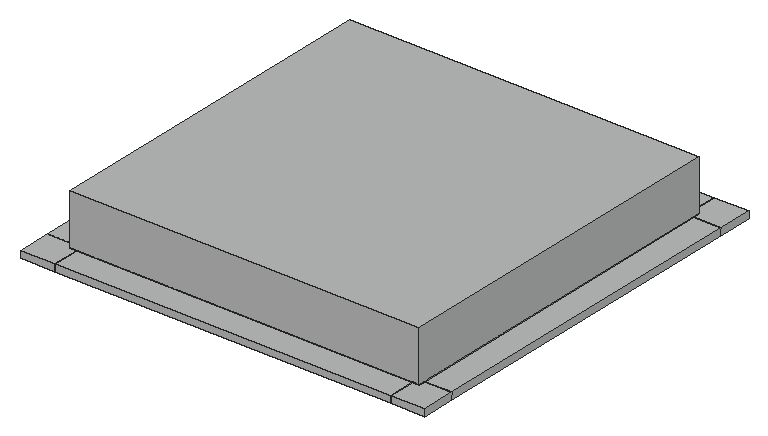
Revit family "ALUMOGIPS", category Осветительные приборы, Revit 2019 (continued)
Types (72, lengths in mm): name | Файл фотометрической сетки | built-in parameter 1150105 | Lumens | built-in parameter 1150106 | built-in parameter 1150142 | Wattage | Emit from Rectangle Width | Emit from Rectangle Length | Длина | Материал светильника | Ширина | ADSK_Ток | ADSK_Полная мощность | ADSK_Обозначение | ADSK_Номинальная мощность | ADSK_Наименование | ADSK_Масса | ADSK_Код изделия
  Alumogips-38/opal-sand 610х610 (IP40, 4000К, серый, грильято) c БАП на 1 час | "Светильник ALUMOGIPS-38 OPAL-SAND-(610x610).IES" | 302.39 (stored number, unit not read) | 3800 lm | 3.0239 (stored number, unit not read) | "IESNA:LM-63-95\r\n[TEST] Протокол № 50-12 \r\n[DATA] 20.06.2016\r\n[MORE] \r\n[MANUFAC] ЗАО \"Центрстройсвет\"\r\n[LUMCAT]  Светильник ALUMOGIPS-38/OPAL-SAND-(610x610)\r\n[LUMINAIRE]\r\n[LAMPCAT] Светодиоды\r\n[LAMP] Поток источника света (светодиодов) не известен\r\n[MORE] КСС приведена в абсолютных величинах кд\r\n[MORE] Вместо потока лампы, указан поток светильника.\r\nTILT=NONE\r\n1    3750 1.0 37 73 1 2 0.61 0.61 0.04\r\n1.0 1.0 38.7\r\n0.0 5.0 10.0 15.0 20.0 25.0 30.0 35.0 40.0 45.0 50.0 55.0 60.0 65.0 70.0 75.0 80.0 85.0 90.0 95.0 100.0 105.0 110.0 115.0 120.0 125.0 130.0 135.0 140.0 145.0 150.0 155.0 160.0 165.0 170.0 175.0 180.0\r\n0.0 5.0 10.0 15.0 20.0 25.0 30.0 35.0 40.0 45.0 50.0 55.0 60.0 65.0 70.0 75.0 80.0 85.0 90.0 95.0 100.0 105.0 110.0 115.0 120.0 125.0 130.0 135.0 140.0 145.0 150.0 155.0 160.0 165.0 170.0 175.0 180.0 185.0 190.0 195.0 200.0 205.0 210.0 215.0 220.0 225.0 230.0 235.0 240.0 245.0 250.0 255.0 260.0 265.0 270.0 275.0 280.0 285.0 290.0 295.0 300.0 305.0 310.0 315.0 320.0 325.0 330.0 335.0 340.0 345.0 350.0 355.0 360.0\r\n1391.4 1390.6 1365.7 1330.6 1277.5 1214.9 1147.5 1059.6 967.6 873.2 772.4 664.9 556.3 449.1 342.7 240.6 147.1 64.2 4.7 0.0 0.0 0.0 0.0 0.0 0.0 0.0 0.0 0.0 0.0 0.0 0.0 0.0 0.0 0.0 0.0 0.0 0.0\r\n1391.4 1390.5 1367.8 1332.7 1284.3 1221.3 1147.0 1062.1 969.2 872.4 773.2 666.3 557.1 450.1 343.8 241.9 146.9 64.7 5.2 0.0 0.0 0.0 0.0 0.0 0.0 0.0 0.0 0.0 0.0 0.0 0.0 0.0 0.0 0.0 0.0 0.0 0.0\r\n1391.4 1390.2 1372.0 1333.3 1277.3 1216.8 1144.5 1057.4 969.6 875.1 773.8 669.5 560.0 454.6 345.8 242.4 148.5 65.8 5.4 0.0 0.0 0.0 0.0 0.0 0.0 0.0 0.0 0.0 0.0 0.0 0.0 0.0 0.0 0.0 0.0 0.0 0.0\r\n1391.4 1389.8 1371.2 1330.7 1279.5 1220.5 1148.3 1059.9 967.7 873.2 767.5 666.8 561.4 453.0 347.1 243.7 149.9 65.6 5.8 0.0 0.0 0.0 0.0 0.0 0.0 0.0 0.0 0.0 0.0 0.0 0.0 0.0 0.0 0.0 0.0 0.0 0.0\r\n1391.4 1389.8 1368.3 1329.3 1285.0 1214.6 1141.1 1058.7 971.8 871.3 775.2 666.9 559.4 452.6 345.8 242.5 150.0 65.8 6.1 0.0 0.0 0.0 0.0 0.0 0.0 0.0 0.0 0.0 0.0 0.0 0.0 0.0 0.0 0.0 0.0 0.0 0.0\r\n1391.4 1390.5 1367.3 1332.3 1281.7 1219.0 1142.8 1064.6 970.5 874.4 772.1 667.5 560.2 453.0 346.2 241.8 149.4 65.7 5.6 0.0 0.0 0.0 0.0 0.0 0.0 0.0 0.0 0.0 0.0 0.0 0.0 0.0 0.0 0.0 0.0 0.0 0.0\r\n1391.4 1391.4 1368.1 1333.5 1277.3 1215.7 1139.0 1059.6 968.1 872.4 771.6 667.4 558.8 453.3 344.3 243.9 148.4 65.7 5.4 0.0 0.0 0.0 0.0 0.0 0.0 0.0 0.0 0.0 0.0 0.0 0.0 0.0 0.0 0.0 0.0 0.0 0.0\r\n1391.4 1391.7 1368.1 1330.4 1278.2 1213.9 1142.4 1061.6 967.4 875.1 772.0 669.3 561.1 452.5 345.2 242.1 148.3 65.4 5.5 0.0 0.0 0.0 0.0 0.0 0.0 0.0 0.0 0.0 0.0 0.0 0.0 0.0 0.0 0.0 0.0 0.0 0.0\r\n1391.4 1391.5 1371.0 1328.4 1278.5 1216.7 1142.1 1061.2 971.8 874.7 772.1 668.9 560.8 452.9 345.4 243.3 147.7 66.0 5.4 0.0 0.0 0.0 0.0 0.0 0.0 0.0 0.0 0.0 0.0 0.0 0.0 0.0 0.0 0.0 0.0 0.0 0.0\r\n1391.4 1391.5 1373.2 1330.5 1277.3 1215.5 1143.2 1063.6 967.0 872.7 772.2 669.4 558.9 453.2 346.6 241.9 148.1 65.2 5.5 0.0 0.0 0.0 0.0 0.0 0.0 0.0 0.0 0.0 0.0 0.0 0.0 0.0 0.0 0.0 0.0 0.0 0.0\r\n1391.4 1391.4 1369.7 1328.3 1281.3 1216.0 1139.8 1057.9 968.7 875.3 773.9 667.6 561.8 454.0 344.0 243.1 147.2 65.6 5.5 0.0 0.0 0.0 0.0 0.0 0.0 0.0 0.0 0.0 0.0 0.0 0.0 0.0 0.0 0.0 0.0 0.0 0.0\r\n1391.4 1390.5 1367.9 1330.1 1278.1 1218.1 1138.9 1061.0 970.0 871.8 770.4 669.3 560.2 453.4 346.9 242.1 148.3 65.2 5.2 0.0 0.0 0.0 0.0 0.0 0.0 0.0 0.0 0.0 0.0 0.0 0.0 0.0 0.0 0.0 0.0 0.0 0.0\r\n1391.4 1389.3 1368.2 1329.1 1280.8 1214.4 1142.5 1059.2 967.2 874.3 772.4 668.0 563.1 452.3 345.7 242.8 146.8 64.9 5.1 0.0 0.0 0.0 0.0 0.0 0.0 0.0 0.0 0.0 0.0 0.0 0.0 0.0 0.0 0.0 0.0 0.0 0.0\r\n1391.4 1388.6 1367.4 1327.8 1278.0 1215.7 1141.0 1061.0 971.5 877.3 771.2 667.3 561.5 453.0 346.4 242.4 146.3 64.8 5.2 0.0 0.0 0.0 0.0 0.0 0.0 0.0 0.0 0.0 0.0 0.0 0.0 0.0 0.0 0.0 0.0 0.0 0.0\r\n1391.4 1388.0 1367.6 1326.7 1278.3 1218.0 1140.9 1061.5 968.4 873.4 770.1 666.6 562.1 454.6 344.8 241.8 146.4 64.0 5.5 0.0 0.0 0.0 0.0 0.0 0.0 0.0 0.0 0.0 0.0 0.0 0.0 0.0 0.0 0.0 0.0 0.0 0.0\r\n1391.4 1387.2 1366.1 1331.0 1281.4 1216.3 1142.7 1059.1 969.4 871.5 772.2 667.3 560.5 453.0 344.4 242.2 146.4 63.8 5.6 0.0 0.0 0.0 0.0 0.0 0.0 0.0 0.0 0.0 0.0 0.0 0.0 0.0 0.0 0.0 0.0 0.0 0.0\r\n1391.4 1387.1 1366.3 1328.7 1276.9 1214.5 1141.2 1059.3 968.4 874.3 775.5 668.3 562.5 454.9 346.4 241.3 146.2 63.5 5.7 0.0 0.0 0.0 0.0 0.0 0.0 0.0 0.0 0.0 0.0 0.0 0.0 0.0 0.0 0.0 0.0 0.0 0.0\r\n1391.4 1388.4 1366.0 1329.7 1279.2 1217.9 1140.0 1060.5 969.0 873.9 772.0 671.3 560.4 453.2 343.7 241.7 145.8 63.7 5.4 0.0 0.0 0.0 0.0 0.0 0.0 0.0 0.0 0.0 0.0 0.0 0.0 0.0 0.0 0.0 0.0 0.0 0.0\r\n1391.4 1389.6 1367.7 1329.3 1277.2 1211.1 1140.1 1061.0 971.0 871.2 769.2 669.1 561.5 453.1 343.3 241.9 145.8 63.4 5.2 0.0 0.0 0.0 0.0 0.0 0.0 0.0 0.0 0.0 0.0 0.0 0.0 0.0 0.0 0.0 0.0 0.0 0.0\r\n1391.4 1388.8 1366.9 1327.1 1279.4 1214.2 1142.5 1056.4 970.7 870.3 771.0 665.1 560.4 453.3 343.8 241.1 145.7 63.4 5.2 0.0 0.0 0.0 0.0 0.0 0.0 0.0 0.0 0.0 0.0 0.0 0.0 0.0 0.0 0.0 0.0 0.0 0.0\r\n1391.4 1387.2 1365.8 1328.9 1276.6 1210.2 1141.4 1059.3 966.6 871.4 770.5 667.4 559.2 451.4 344.2 241.0 145.6 63.2 5.1 0.0 0.0 0.0 0.0 0.0 0.0 0.0 0.0 0.0 0.0 0.0 0.0 0.0 0.0 0.0 0.0 0.0 0.0\r\n1391.4 1386.8 1364.4 1329.8 1279.4 1213.7 1144.0 1059.0 965.3 873.7 768.8 668.9 559.4 449.5 342.6 241.5 144.6 63.4 5.0 0.0 0.0 0.0 0.0 0.0 0.0 0.0 0.0 0.0 0.0 0.0 0.0 0.0 0.0 0.0 0.0 0.0 0.0\r\n1391.4 1388.1 1365.8 1328.1 1273.8 1213.4 1137.9 1059.2 967.3 869.2 769.3 667.7 558.4 451.4 344.0 240.6 145.7 63.4 4.9 0.0 0.0 0.0 0.0 0.0 0.0 0.0 0.0 0.0 0.0 0.0 0.0 0.0 0.0 0.0 0.0 0.0 0.0\r\n1391.4 1389.2 1364.4 1323.2 1276.3 1213.8 1137.6 1055.3 963.1 871.0 767.7 664.1 559.7 447.1 342.4 240.1 145.2 63.9 5.1 0.0 0.0 0.0 0.0 0.0 0.0 0.0 0.0 0.0 0.0 0.0 0.0 0.0 0.0 0.0 0.0 0.0 0.0\r\n1391.4 1388.4 1362.3 1326.8 1274.4 1212.2 1137.9 1054.7 966.7 867.9 768.7 663.4 557.3 449.2 343.3 240.0 145.7 63.6 5.0 0.0 0.0 0.0 0.0 0.0 0.0 0.0 0.0 0.0 0.0 0.0 0.0 0.0 0.0 0.0 0.0 0.0 0.0\r\n1391.4 1386.2 1361.8 1326.5 1273.3 1211.2 1134.5 1048.6 964.3 866.3 767.8 662.9 556.7 449.5 341.9 239.8 145.7 63.7 5.0 0.0 0.0 0.0 0.0 0.0 0.0 0.0 0.0 0.0 0.0 0.0 0.0 0.0 0.0 0.0 0.0 0.0 0.0\r\n1391.4 1384.4 1363.5 1324.4 1272.0 1209.5 1137.2 1053.0 960.2 867.5 767.9 662.7 556.7 449.2 342.5 239.1 146.2 63.8 4.8 0.0 0.0 0.0 0.0 0.0 0.0 0.0 0.0 0.0 0.0 0.0 0.0 0.0 0.0 0.0 0.0 0.0 0.0\r\n1391.4 1383.7 1362.4 1324.4 1274.0 1209.5 1134.4 1050.1 965.4 864.9 764.6 662.3 556.6 447.9 340.5 240.3 145.5 64.6 4.6 0.0 0.0 0.0 0.0 0.0 0.0 0.0 0.0 0.0 0.0 0.0 0.0 0.0 0.0 0.0 0.0 0.0 0.0\r\n1391.4 1384.4 1361.9 1326.9 1270.2 1207.3 1132.7 1050.1 959.7 867.7 763.1 662.2 555.0 447.3 343.0 238.3 145.8 63.9 4.7 0.0 0.0 0.0 0.0 0.0 0.0 0.0 0.0 0.0 0.0 0.0 0.0 0.0 0.0 0.0 0.0 0.0 0.0\r\n1391.4 1385.1 1363.0 1320.0 1270.4 1207.9 1134.4 1055.0 963.5 867.3 766.7 660.7 555.9 450.1 342.6 240.2 145.9 64.3 4.9 0.0 0.0 0.0 0.0 0.0 0.0 0.0 0.0 0.0 0.0 0.0 0.0 0.0 0.0 0.0 0.0 0.0 0.0\r\n1391.4 1384.9 1362.3 1321.4 1273.1 1208.0 1135.4 1052.3 961.9 865.0 764.0 660.8 553.5 447.6 341.2 240.3 146.1 63.8 4.8 0.0 0.0 0.0 0.0 0.0 0.0 0.0 0.0 0.0 0.0 0.0 0.0 0.0 0.0 0.0 0.0 0.0 0.0\r\n1391.4 1383.8 1361.2 1322.1 1265.1 1211.5 1132.8 1049.3 961.3 863.4 764.0 661.0 550.7 447.9 341.0 240.1 146.2 63.8 4.6 0.0 0.0 0.0 0.0 0.0 0.0 0.0 0.0 0.0 0.0 0.0 0.0 0.0 0.0 0.0 0.0 0.0 0.0\r\n1391.4 1382.8 1359.3 1321.5 1269.3 1206.8 1132.8 1051.1 958.3 863.2 763.1 662.7 553.4 448.0 340.4 240.0 145.8 63.8 4.0 0.0 0.0 0.0 0.0 0.0 0.0 0.0 0.0 0.0 0.0 0.0 0.0 0.0 0.0 0.0 0.0 0.0 0.0\r\n1391.4 1382.6 1359.0 1319.6 1268.1 1204.3 1129.8 1049.0 957.7 861.8 761.7 658.4 554.2 446.1 340.4 239.0 145.6 63.8 3.8 0.0 0.0 0.0 0.0 0.0 0.0 0.0 0.0 0.0 0.0 0.0 0.0 0.0 0.0 0.0 0.0 0.0 0.0\r\n1391.4 1382.8 1358.5 1315.8 1266.5 1202.1 1128.5 1049.2 957.6 860.0 762.1 658.2 549.9 443.8 339.6 238.4 145.7 63.6 3.7 0.0 0.0 0.0 0.0 0.0 0.0 0.0 0.0 0.0 0.0 0.0 0.0 0.0 0.0 0.0 0.0 0.0 0.0\r\n1391.4 1382.2 1360.5 1319.2 1265.9 1204.5 1129.9 1046.9 955.0 862.9 758.9 657.9 552.5 444.9 338.9 238.8 145.3 63.6 3.3 0.0 0.0 0.0 0.0 0.0 0.0 0.0 0.0 0.0 0.0 0.0 0.0 0.0 0.0 0.0 0.0 0.0 0.0\r\n1391.4 1381.1 1361.2 1321.0 1268.1 1203.8 1128.8 1047.4 955.6 863.7 761.1 656.4 551.5 445.2 339.2 238.5 144.7 62.5 3.5 0.0 0.0 0.0 0.0 0.0 0.0 0.0 0.0 0.0 0.0 0.0 0.0 0.0 0.0 0.0 0.0 0.0 0.0\r\n1391.4 1380.6 1359.0 1316.4 1268.5 1204.0 1126.1 1049.5 956.2 859.6 759.7 656.5 549.2 444.3 338.4 236.1 143.8 61.6 3.2 0.0 0.0 0.0 0.0 0.0 0.0 0.0 0.0 0.0 0.0 0.0 0.0 0.0 0.0 0.0 0.0 0.0 0.0\r\n1391.4 1380.7 1356.6 1316.0 1267.0 1205.6 1130.3 1044.8 956.9 856.7 759.3 653.5 548.1 441.9 335.3 235.4 141.4 60.3 2.9 0.0 0.0 0.0 0.0 0.0 0.0 0.0 0.0 0.0 0.0 0.0 0.0 0.0 0.0 0.0 0.0 0.0 0.0\r\n1391.4 1380.4 1354.4 1317.9 1268.8 1199.0 1129.0 1044.0 956.9 860.6 758.3 656.9 549.1 442.0 334.4 236.1 141.7 60.5 2.6 0.0 0.0 0.0 0.0 0.0 0.0 0.0 0.0 0.0 0.0 0.0 0.0 0.0 0.0 0.0 0.0 0.0 0.0\r\n1391.4 1380.1 1356.7 1322.1 1264.6 1201.7 1129.9 1047.4 957.2 859.7 758.2 656.1 549.4 442.8 335.3 235.8 141.3 60.6 2.3 0.0 0.0 0.0 0.0 0.0 0.0 0.0 0.0 0.0 0.0 0.0 0.0 0.0 0.0 0.0 0.0 0.0 0.0\r\n1391.4 1379.9 1357.3 1317.5 1265.9 1207.8 1129.2 1046.5 955.7 860.2 758.6 656.9 550.7 441.9 335.4 233.9 140.6 60.2 2.4 0.0 0.0 0.0 0.0 0.0 0.0 0.0 0.0 0.0 0.0 0.0 0.0 0.0 0.0 0.0 0.0 0.0 0.0\r\n1391.4 1379.2 1355.5 1314.6 1269.3 1203.7 1133.5 1044.8 957.2 857.9 762.0 656.6 548.7 440.4 335.9 234.5 140.4 59.8 2.8 0.0 0.0 0.0 0.0 0.0 0.0 0.0 0.0 0.0 0.0 0.0 0.0 0.0 0.0 0.0 0.0 0.0 0.0\r\n1391.4 1377.9 1357.1 1319.2 1271.9 1204.4 1128.6 1050.2 953.1 856.9 757.6 653.7 548.9 439.9 335.4 232.4 140.5 59.2 3.0 0.0 0.0 0.0 0.0 0.0 0.0 0.0 0.0 0.0 0.0 0.0 0.0 0.0 0.0 0.0 0.0 0.0 0.0\r\n1391.4 1377.2 1356.3 1322.9 1266.0 1204.8 1132.2 1049.0 958.1 859.3 759.0 654.6 547.0 441.6 334.9 232.1 139.3 58.8 2.9 0.0 0.0 0.0 0.0 0.0 0.0 0.0 0.0 0.0 0.0 0.0 0.0 0.0 0.0 0.0 0.0 0.0 0.0\r\n1391.4 1377.8 1353.8 1319.7 1269.6 1207.9 1135.8 1049.5 955.8 858.0 762.4 655.9 548.2 441.6 335.6 231.7 139.4 58.8 2.8 0.0 0.0 0.0 0.0 0.0 0.0 0.0 0.0 0.0 0.0 0.0 0.0 0.0 0.0 0.0 0.0 0.0 0.0\r\n1391.4 1378.5 1355.2 1319.8 1267.3 1206.5 1131.2 1046.1 954.6 861.2 756.6 653.8 548.1 440.3 335.0 232.6 138.6 59.0 2.9 0.0 0.0 0.0 0.0 0.0 0.0 0.0 0.0 0.0 0.0 0.0 0.0 0.0 0.0 0.0 0.0 0.0 0.0\r\n1391.4 1378.6 1355.1 1318.3 1269.7 1200.8 1133.1 1049.0 957.6 862.5 762.4 656.9 549.3 443.5 334.7 231.2 138.8 58.1 3.0 0.0 0.0 0.0 0.0 0.0 0.0 0.0 0.0 0.0 0.0 0.0 0.0 0.0 0.0 0.0 0.0 0.0 0.0\r\n1391.4 1378.8 1355.8 1321.7 1268.8 1210.0 1129.0 1048.5 958.8 862.4 762.2 656.4 549.0 441.1 335.4 231.5 138.5 58.1 3.0 0.0 0.0 0.0 0.0 0.0 0.0 0.0 0.0 0.0 0.0 0.0 0.0 0.0 0.0 0.0 0.0 0.0 0.0\r\n1391.4 1379.6 1357.6 1321.7 1269.0 1207.1 1133.9 1047.0 964.1 863.3 761.9 656.4 551.5 440.7 334.9 232.2 137.6 58.1 2.8 0.0 0.0 0.0 0.0 0.0 0.0 0.0 0.0 0.0 0.0 0.0 0.0 0.0 0.0 0.0 0.0 0.0 0.0\r\n1391.4 1380.6 1357.7 1319.2 1272.0 1207.5 1131.3 1054.6 959.0 863.3 764.8 655.9 549.1 443.0 335.1 231.3 138.0 58.1 2.7 0.0 0.0 0.0 0.0 0.0 0.0 0.0 0.0 0.0 0.0 0.0 0.0 0.0 0.0 0.0 0.0 0.0 0.0\r\n1391.4 1381.5 1358.5 1321.9 1271.0 1204.1 1135.9 1055.8 962.5 865.5 761.1 656.9 550.6 442.0 335.3 231.9 137.4 57.9 2.6 0.0 0.0 0.0 0.0 0.0 0.0 0.0 0.0 0.0 0.0 0.0 0.0 0.0 0.0 0.0 0.0 0.0 0.0\r\n1391.4 1381.3 1358.5 1322.3 1270.8 1207.2 1133.7 1051.9 958.0 867.3 767.5 657.0 552.1 442.3 333.6 231.2 137.9 57.8 2.6 0.0 0.0 0.0 0.0 0.0 0.0 0.0 0.0 0.0 0.0 0.0 0.0 0.0 0.0 0.0 0.0 0.0 0.0\r\n1391.4 1380.6 1359.4 1319.7 1270.6 1209.0 1133.0 1052.1 963.9 867.5 764.1 660.0 554.0 443.3 334.8 231.7 137.6 57.8 2.7 0.0 0.0 0.0 0.0 0.0 0.0 0.0 0.0 0.0 0.0 0.0 0.0 0.0 0.0 0.0 0.0 0.0 0.0\r\n1391.4 1381.3 1359.9 1321.3 1270.6 1204.8 1135.0 1051.3 962.1 865.5 761.7 660.3 553.1 443.5 334.1 231.9 137.9 57.8 2.8 0.0 0.0 0.0 0.0 0.0 0.0 0.0 0.0 0.0 0.0 0.0 0.0 0.0 0.0 0.0 0.0 0.0 0.0\r\n1391.4 1383.1 1362.1 1324.8 1273.8 1208.7 1134.8 1055.9 961.8 866.4 762.3 659.7 552.4 443.7 334.4 232.8 138.0 58.0 2.8 0.0 0.0 0.0 0.0 0.0 0.0 0.0 0.0 0.0 0.0 0.0 0.0 0.0 0.0 0.0 0.0 0.0 0.0\r\n1391.4 1384.6 1360.4 1321.7 1272.0 1210.6 1130.9 1052.5 963.1 866.7 767.4 659.3 553.7 444.6 335.4 233.1 138.3 58.0 2.8 0.0 0.0 0.0 0.0 0.0 0.0 0.0 0.0 0.0 0.0 0.0 0.0 0.0 0.0 0.0 0.0 0.0 0.0\r\n1391.4 1385.6 1357.5 1324.7 1273.9 1211.6 1134.3 1052.7 963.6 865.4 763.1 658.7 552.2 444.9 336.9 232.8 138.8 58.6 2.9 0.0 0.0 0.0 0.0 0.0 0.0 0.0 0.0 0.0 0.0 0.0 0.0 0.0 0.0 0.0 0.0 0.0 0.0\r\n1391.4 1386.4 1357.8 1323.4 1273.2 1212.2 1136.3 1054.7 967.5 867.5 764.0 659.4 553.3 443.7 336.8 233.2 138.9 58.5 3.1 0.0 0.0 0.0 0.0 0.0 0.0 0.0 0.0 0.0 0.0 0.0 0.0 0.0 0.0 0.0 0.0 0.0 0.0\r\n1391.4 1386.6 1362.0 1324.9 1273.2 1211.3 1139.0 1049.9 960.3 866.4 768.0 661.3 552.2 443.4 336.3 233.4 139.8 58.9 3.1 0.0 0.0 0.0 0.0 0.0 0.0 0.0 0.0 0.0 0.0 0.0 0.0 0.0 0.0 0.0 0.0 0.0 0.0\r\n1391.4 1386.0 1360.5 1326.0 1271.8 1212.0 1137.2 1059.3 963.5 867.6 766.9 661.2 552.3 445.8 337.8 233.6 141.0 59.2 3.3 0.0 0.0 0.0 0.0 0.0 0.0 0.0 0.0 0.0 0.0 0.0 0.0 0.0 0.0 0.0 0.0 0.0 0.0\r\n1391.4 1385.0 1362.3 1325.1 1272.0 1207.1 1138.5 1053.6 964.5 865.8 766.5 661.6 554.3 445.9 337.0 234.5 140.4 60.2 3.5 0.0 0.0 0.0 0.0 0.0 0.0 0.0 0.0 0.0 0.0 0.0 0.0 0.0 0.0 0.0 0.0 0.0 0.0\r\n1391.4 1384.4 1361.8 1323.6 1274.0 1214.8 1138.9 1053.9 968.0 867.9 769.0 663.8 555.6 446.7 339.6 235.0 141.3 60.4 3.4 0.0 0.0 0.0 0.0 0.0 0.0 0.0 0.0 0.0 0.0 0.0 0.0 0.0 0.0 0.0 0.0 0.0 0.0\r\n1391.4 1385.0 1360.9 1322.2 1272.4 1209.8 1137.2 1055.7 962.7 869.7 769.6 658.2 556.6 447.4 338.5 236.2 142.5 60.7 3.4 0.0 0.0 0.0 0.0 0.0 0.0 0.0 0.0 0.0 0.0 0.0 0.0 0.0 0.0 0.0 0.0 0.0 0.0\r\n1391.4 1386.6 1363.1 1323.6 1272.5 1211.5 1139.2 1058.4 969.9 868.0 768.8 664.6 556.3 445.8 342.1 236.1 142.3 61.2 3.5 0.0 0.0 0.0 0.0 0.0 0.0 0.0 0.0 0.0 0.0 0.0 0.0 0.0 0.0 0.0 0.0 0.0 0.0\r\n1391.4 1388.6 1360.9 1330.2 1273.7 1213.2 1138.7 1058.3 966.2 867.0 766.8 663.4 553.3 447.1 339.2 238.7 143.0 61.4 3.8 0.0 0.0 0.0 0.0 0.0 0.0 0.0 0.0 0.0 0.0 0.0 0.0 0.0 0.0 0.0 0.0 0.0 0.0\r\n1391.4 1389.8 1360.8 1328.4 1276.8 1216.0 1140.1 1055.8 963.1 870.3 768.4 663.1 554.0 449.1 340.1 237.3 144.8 61.7 3.8 0.0 0.0 0.0 0.0 0.0 0.0 0.0 0.0 0.0 0.0 0.0 0.0 0.0 0.0 0.0 0.0 0.0 0.0\r\n1391.4 1389.3 1362.5 1325.9 1278.0 1210.4 1138.2 1054.7 967.8 872.7 770.2 661.9 556.5 446.9 341.3 237.7 144.4 62.5 3.9 0.0 0.0 0.0 0.0 0.0 0.0 0.0 0.0 0.0 0.0 0.0 0.0 0.0 0.0 0.0 0.0 0.0 0.0\r\n1391.4 1387.8 1365.8 1326.6 1274.3 1213.2 1141.4 1053.1 966.2 871.2 768.4 663.7 555.0 447.1 341.3 238.2 144.3 62.7 4.1 0.0 0.0 0.0 0.0 0.0 0.0 0.0 0.0 0.0 0.0 0.0 0.0 0.0 0.0 0.0 0.0 0.0 0.0\r\n1391.4 1387.2 1364.2 1328.3 1274.8 1209.4 1145.0 1060.0 963.9 867.5 766.5 663.4 556.7 448.2 340.9 240.3 144.7 63.3 4.0 0.0 0.0 0.0 0.0 0.0 0.0 0.0 0.0 0.0 0.0 0.0 0.0 0.0 0.0 0.0 0.0 0.0 0.0\r\n1391.4 1388.4 1364.9 1332.6 1279.0 1215.6 1140.9 1056.3 969.3 867.1 770.0 663.8 559.0 449.0 342.4 240.3 145.7 63.3 4.7 0.0 0.0 0.0 0.0 0.0 0.0 0.0 0.0 0.0 0.0 0.0 0.0 0.0 0.0 0.0 0.0 0.0 0.0\r\n1391.4 1390.0 1364.5 1329.3 1281.4 1217.7 1141.3 1063.3 970.3 871.1 768.8 663.5 555.2 449.3 342.4 239.8 146.6 63.3 4.9 0.0 0.0 0.0 0.0 0.0 0.0 0.0 0.0 0.0 0.0 0.0 0.0 0.0 0.0 0.0 0.0 0.0 0.0\r\n1391.4 1390.6 1365.7 1330.6 1277.5 1214.9 1147.5 1059.6 967.6 873.2 772.4 664.9 556.3 449.1 342.7 240.6 147.1 64.2 4.7 0.0 0.0 0.0 0.0 0.0 0.0 0.0 0.0 0.0 0.0 0.0 0.0 0.0 0.0 0.0 0.0 0.0 0.0\r\n" | 25.582 W | 590 | 590 | 610 | RAL 9006 | 610 | 0.179584 A | 41.3043 VA | "Alumogips-38/opal-sand 610х610 (IP40, 4000К, серый, грильято)" | 38 W | "Встраиваемый светодиодный светильник Alumogips-38/opal-sand 610х610 (IP40, 4000К, серый, грильято) c 
    БАП на 1 час" | 2.4 | "ЦБ000007812"
